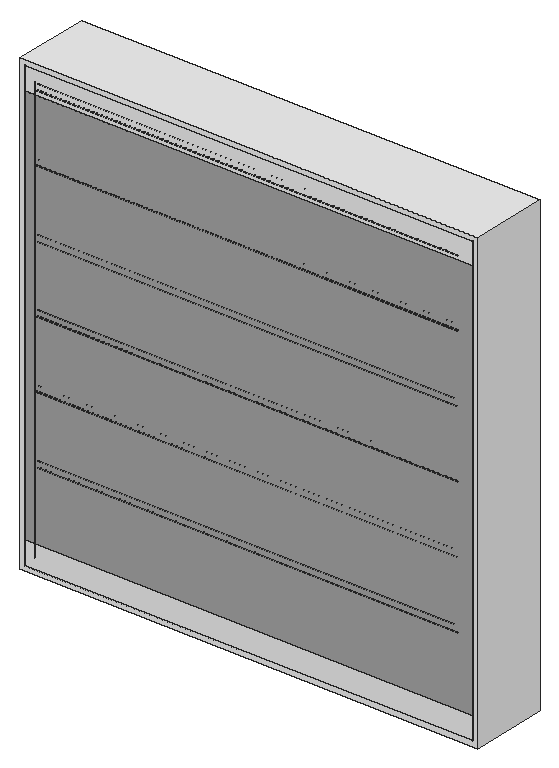
Revit family
Parameters (values of type "Louver_Acoustical_EAA-845_All-Lite")
  URL = "http://www.alllite-louvers.com"
  Specifications = "http://www.alllite-louvers.com/catalog/AEAA-845-csi-specification.doc"
  Spacing = 0.625 ft
  SmartBIM Object Version = 3  # constant formula
  SmartBIM Object Created By = "Reed Construction Data"  # constant formula
  Shim Thickness = 0.042 ft
  Screen Width = Width - (2 * Shim Thickness)  # 3.916 ft
  Screen Height = Height - ((2 * 0.197917 ft) + (2 * Shim Thickness))  # 3.520167 ft
  Screen = Aluminum
  Rough Width = 0.0 ft
  Rough Height = 0.0 ft
  Product URL = "http://www.alllite-louvers.com/catalog.php?model=EAA-845"
  Pressure Loss (in.wg.) = "0.05"  # constant formula
  OmniClass Title = "Exterior Louvers and Grilles"  # constant formula
  OmniClass Code = "23-60 11 17"  # constant formula
  Model Number = "EAA-845"  # constant formula
  Minimum Size = "12\" x 18\""
  Maximum Size - Single Section = "60\" x 120\""
  Maximum Size - Multiple Section = "Unlimited"
  Manufacturer = "All-Lite"  # constant formula
  Louver Width = Width - (2 * Shim Thickness) - 0.166667 ft  # 3.749333 ft
  Louver = Mill finish, 6063-T5 Extruded Aluminum
  Height = 4.0 ft
  Free Area for 48”x48” Louver = "33.1%"
  Free Area Velocity (fpm) = "870"  # constant formula
  Free Area (ft²) for 48"x48" Louver = 5.3 ft
  Frame = Mill finish, 6063-T5 Extruded Aluminum
  Default Sill Height = 3.0 ft
  Wall Closure = (empty or 0)
  Width = 4.0 ft
  Cut Sheet = "http://www.alllite-louvers.com/catalog/AEAA845.pdf"
  Assembly Code = "B2010300"
  Air Volume Delivered (cfm) = "4,611"  # constant formula
  95 CSI = "10200 "  # constant formula
  04 CSI = "08 91 00"  # constant formula
  # of Louvers = (Height - 0.25 ft) / (Spacing)  # 6
Reference planes (ft)
  plane 1 "Center (Front/Back)": y = 0
  plane 2: z = 0.291667
  plane 3 "Center (Left/Right)": x = 0
  plane 4 "Left": x = -2
  plane 5 "Right": x = 2
  plane 6 "Sill": z = 3.291667
  plane 7 "Top": z = 7.291667
  plane 8: x = -1.958
  plane 9: x = 1.958
  plane 10: z = 7.249667
  plane 11: z = 3.333667
  plane 12: z = 5.291667
  plane 13: z = 3.417
  plane 14: z = 3.458667
  plane 15: z = 7.166333
  plane 16: z = 7.124667
Forms (ft)
  Sweep 1, solid, material "Mill finish, 6063-T5 Extruded Aluminum" <- "Frame"
    path origin (-5, 0.416667, 0) x (-1, 0, 0) y (0, 0, 1)
      loop
        line (-6.958, 7.249667) -> (-3.042, 7.249667)
    profile "Horizontal Mullion : Horizontal Mullion" origin (0, 0.416667, 7.249667) x (0, 0, 1) y (0, 1, 0)
      loop
        line (0, 0) -> (-0.083333, 0) -> (-0.083333, -0.666545) -> (-0.197917, -0.666545) -> (-0.197917, -0.673295) -> (0, -0.673295) -> (0, -0.631628) -> (-0.00675, -0.631628) -> (-0.00675, -0.666545) -> (-0.076583, -0.666545) -> (-0.076583, -0.006628) -> (-0.00675, -0.006628) -> (-0.00675, -0.041545) -> (0, -0.041545) -> (0, 0)
  Sweep 2, solid, material "Mill finish, 6063-T5 Extruded Aluminum" <- "Frame"
    path origin (-5, 0.416667, 0) x (-1, 0, 0) y (0, 0, 1)
      loop
        line (-6.958, 3.333667) -> (-3.042, 3.333667)
    profile "Horizontal Mullion : Horizontal Mullion" origin (0, 0.416667, 3.333667) x (0, 0, 1) y (0, 1, 0)
      loop
        line (0, 0) -> (0, -0.041545) -> (0.00675, -0.041545) -> (0.00675, -0.006628) -> (0.076583, -0.006628) -> (0.076583, -0.666545) -> (0.00675, -0.666545) -> (0.00675, -0.631628) -> (0, -0.631628) -> (0, -0.673295) -> (0.197917, -0.673295) -> (0.197917, -0.666545) -> (0.083333, -0.666545) -> (0.083333, 0) -> (0, 0)
  Sweep 3, solid, material "Mill finish, 6063-T5 Extruded Aluminum" <- "Frame"
    path origin (-5, 0.416667, 0) x (-1, 0, 0) y (0, 0, 1)
      loop
        line (-6.958, 3.417) -> (-6.958, 7.166333)
    profile "Vertical Mullion : Vertical Mullion" origin (1.958, 0.416667, 5.291667) x (1, 0, 0) y (0, 1, 0)
      loop
        line (0, -0.635417) -> (-0.010417, -0.635417) -> (-0.010417, -0.65625) -> (-0.072917, -0.65625) -> (-0.072917, -0.010417) -> (-0.010417, -0.010417) -> (-0.010417, -0.03125) -> (0, -0.03125) -> (0, 0) -> (-0.083333, 0) -> (-0.083333, -0.666667) -> (0, -0.666667) -> (0, -0.635417)
  Sweep 4, solid, material "Mill finish, 6063-T5 Extruded Aluminum" <- "Frame"
    path origin (5, 0.416667, 0) x (1, 0, 0) y (0, 0, -1)
      loop
        line (-6.958, -3.417) -> (-6.958, -7.166333)
    profile "Vertical Mullion : Vertical Mullion" origin (-1.958, 0.416667, 5.291667) x (1, 0, 0) y (0, 1, 0)
      loop
        line (0, -0.635417) -> (0, -0.666667) -> (0.083333, -0.666667) -> (0.083333, 0) -> (0, 0) -> (0, -0.03125) -> (0.010417, -0.03125) -> (0.010417, -0.010417) -> (0.072917, -0.010417) -> (0.072917, -0.65625) -> (0.010417, -0.65625) -> (0.010417, -0.635417) -> (0, -0.635417)
  Sweep 5, solid, material "Mill finish, 6063-T5 Extruded Aluminum" <- "Frame"
    path origin (-5, 0.416667, 0) x (-1, 0, 0) y (0, 0, 1)
      loop
        line (-3, 7.291667) -> (-7, 7.291667) -> (-7, 3.291667) -> (-3, 3.291667) -> (-3, 7.291667)
    profile origin (-2, 0.416667, 5.291667) x (0, 1, 0) y (-1, 0, 0)
      loop
        line (0, 0) -> (-0.673295, 0) -> (-0.673295, -0.042) -> (0, -0.042) -> (0, 0)
  Extrusion 6, solid, material "Aluminum" <- "Screen"
    sketch origin (0, 0, 0) x (1, 0, 0) y (0, 1, 0)
      loop
        line (-1.958, -0.25) -> (-1.958, -0.256628) -> (1.958, -0.256628) -> (1.958, -0.25) -> (-1.958, -0.25)
    from 3.531583 to 7.05175
Lines and regions (ft)
  Opening 1
    outline origin (-5, -0.416667, 0) x (1, 0, 0) y (0, 0, 1)
      loop
        line (3, 7.291667) -> (3, 3.291667) -> (7, 3.291667) -> (7, 7.291667) -> (3, 7.291667)
  Masking region 1, detail levels fine
    outline origin (0, 0, 0) x (1, 0, 0) y (0, 1, 0)
      loop
        line (-1.958, 0.385417) -> (-1.947583, 0.385417) -> (-1.947583, 0.40625) -> (-1.885083, 0.40625) -> (-1.885083, -0.239583) -> (-1.947583, -0.239583) -> (-1.947583, -0.21875) -> (-1.958, -0.21875) -> (-1.958, -0.25) -> (-1.874667, -0.25) -> (-1.874667, 0.416667) -> (-1.958, 0.416667) -> (-1.958, 0.385417)
      loop
        line (1.958, -0.21875) -> (1.947583, -0.21875) -> (1.947583, -0.239583) -> (1.885083, -0.239583) -> (1.885083, 0.40625) -> (1.947583, 0.40625) -> (1.947583, 0.385417) -> (1.958, 0.385417) -> (1.958, 0.416667) -> (1.874667, 0.416667) -> (1.874667, -0.25) -> (1.958, -0.25) -> (1.958, -0.21875)
  Masking region 2, detail levels coarse+medium
    outline origin (0, 0, 0) x (1, 0, 0) y (0, 1, 0)
      loop
        line (2, 0.416667) -> (1.874667, 0.416667) -> (1.874667, -0.256628) -> (2, -0.256628) -> (2, 0.416667)
      loop
        line (-1.874667, 0.416667) -> (-2, 0.416667) -> (-2, -0.256628) -> (-1.874667, -0.256628) -> (-1.874667, 0.416667)
Text (ft)
  text "EXTERIOR" at (-4.890733, 4.242245, 0), in view "Ref. Level"
  text "INTERIOR" at (-4.890733, -3.147199, 0), in view "Ref. Level"
  text "Exterior" at (0, 3.638026, 10.266337), in view "Left"
  text "Exterior" at (0, 1.524487, 10.420622), in view "Right"
Dimensions and locks (ft)
  equal spacing: plane 4 "Left", plane 3 "Center (Left/Right)", plane 5 "Right"
  "Width": plane 4 "Left" to plane 5 "Right"
  "Height": plane 6 "Sill" to plane 7 "Top"
  "Default Sill Height": plane 2 to plane 6 "Sill"
  "Shim Thickness": plane 4 "Left" to plane 8
  "Shim Thickness": plane 9 to plane 5 "Right"
  "Shim Thickness": plane 10 to plane 7 "Top"
  "Shim Thickness": plane 6 "Sill" to plane 11
  equal spacing: plane 11, plane 12, plane 10
  locked: plane 13 to plane 11 at 0.083333
  locked: plane 14 to plane 13 at 0.041667
  equal spacing: group 1, group 3, group 4, group 5, group 6, group 2  (x3)
  locked: plane 10 to plane 15 at 0.083333
  locked: plane 15 to plane 16 at 0.041667
  aligned and locked: plane 7 "Top" to Opening 1 sketch curve
  aligned and locked: plane 6 "Sill" to Opening 1 sketch curve  (x2)
  aligned and locked: plane 5 "Right" to Opening 1 sketch curve
  aligned and locked: plane 4 "Left" to Opening 1 sketch curve
  aligned and locked: plane 10 to Sweep 1 sketch curve
  aligned and locked: plane 8 to Sweep 1 sketch curve
  aligned and locked: plane 9 to Sweep 1 sketch curve
  aligned and locked: Sweep 2 sketch curve to plane 11
  aligned and locked: plane 9 to Sweep 2 sketch curve
  aligned and locked: plane 8 to Sweep 2 sketch curve
  aligned and locked: plane 9 to Sweep 3 sketch curve
  aligned and locked: Sweep 4 sketch curve to plane 8
  aligned and locked: Sweep 1 to Sweep 4 sketch curve
  aligned and locked: Sweep 5 sketch curve to plane 4 "Left"
  aligned and locked: Sweep 5 sketch curve to plane 7 "Top"
  aligned and locked: Sweep 5 sketch curve to plane 6 "Sill"
  aligned and locked: Sweep 5 sketch curve to plane 5 "Right"
  aligned and locked: Sweep 5 sketch curve to host wall  (x2)
  aligned and locked: plane 8 to Sweep 5 sketch curve
  aligned and locked: plane 3 "Center (Left/Right)" to nested 1
  aligned and locked: host wall to nested 1
  aligned and locked: plane 14 to nested 1
  aligned and locked: host wall to nested 2
  aligned and locked: nested 2 to plane 16
  aligned and locked: Sweep 3 sketch curve to Sweep 1
  aligned and locked: plane 13 to Sweep 3 sketch curve
  aligned and locked: Extrusion 6 sketch curve to plane 8
  aligned and locked: Extrusion 6 sketch curve to Sweep 4
  aligned and locked: Extrusion 6 sketch curve to Sweep 2
  aligned and locked: plane 9 to Extrusion 6 sketch curve
  aligned and locked: Extrusion 6 to Sweep 2
  aligned and locked: Extrusion 6 to Sweep 1
  aligned and locked: Masking region 1 sketch curve to Sweep 4  (x12)
  aligned and locked: Masking region 1 sketch curve to Sweep 3  (x12)
  aligned and locked: Masking region 2 sketch curve to Sweep 3  (x2)
  aligned and locked: Masking region 2 sketch curve to plane 5 "Right"
  aligned and locked: Sweep 5 to Masking region 2 sketch curve
  aligned and locked: Masking region 2 sketch curve to Sweep 4  (x2)
  aligned and locked: Masking region 2 sketch curve to plane 4 "Left"
  aligned and locked: Masking region 2 sketch curve to Sweep 5
Automatic sketch dimensions
  Sweep 4 sketch curve to plane 13 = 0.0 ft
  Sweep 5 sketch curve to profile plane = 0.673295 ft
Nested families (ft)
  nested 1: "Louver" at (0, 0.169271, 3.458667), type "Louver"
    with Louver Length 3.749333 ft
  nested 2: "Louver" at (0, 0.169271, 6.409728), type "Louver"
    with Louver Length 3.749333 ft
  nested 3: "Louver" at (0, 0.169271, 4.048879), type "Louver"
    with Louver Length 3.749333 ft
  nested 4: "Louver" at (0, 0.169271, 4.639091), type "Louver"
    with Louver Length 3.749333 ft
  nested 5: "Louver" at (0, 0.169271, 5.229303), type "Louver"
    with Louver Length 3.749333 ft
  nested 6: "Louver" at (0, 0.169271, 5.819516), type "Louver"
    with Louver Length 3.749333 ft
Connectors (ft)
  hvac at (0, -0.256628, 5.291667), driven by "Screen Width", driven by "Screen Height"
    settings: on Extrusion 6, index 1
Definition of nested family "Louver"
  Parameters (values of type "Louver")
    Louver Length = 2.75 ft
    Louver Array = yes
    Louver = none
    Assembly Code = ""
  Reference planes (ft)
    plane 1 "Center (Front/Back)": y = -0.085938
    plane 2: z = 0
    plane 3 "Center (Left/Right)": x = 0
    plane 4: x = -1.375
    plane 5: x = 1.375
    plane 6: y = 0.247396
    plane 7: y = -0.419271
    plane 8: z = 0.714939
    plane 9: z = 0.357469
  Forms (ft)
    Extrusion 1, solid, material <- "Louver", visible <- "Louver Array"
      sketch origin (0, 0, 0) x (0, 1, 0) y (0, 0, 1)
        loop
          arc (0.244255, 0.00939) -> (-0.017499, 0.405647) -> (-0.383235, 0.708584) r 1.614225
          arc (-0.383235, 0.708584) -> (-0.392796, 0.712387) -> (-0.403074, 0.712877) r 0.03123
          arc (-0.403074, 0.712877) -> (-0.412267, 0.707976) -> (-0.416704, 0.698551) r 0.016536
          arc (-0.416704, 0.698551) -> (-0.409796, 0.669867) -> (-0.38683, 0.651343) r 0.045814
          line (-0.38683, 0.651343) -> (-0.375228, 0.631178) -> (-0.370747, 0.633755) -> (-0.383097, 0.65522) -> (-0.376969, 0.661355) -> (-0.343566, 0.603499) -> (-0.339753, 0.607311) -> (-0.375852, 0.669837) -> (-0.388052, 0.657471)
          arc (-0.388052, 0.657471) -> (-0.405931, 0.673507) -> (-0.411627, 0.696838) r 0.040619
          arc (-0.411627, 0.696838) -> (-0.408201, 0.704216) -> (-0.400914, 0.707832) r 0.012274
          arc (-0.400914, 0.707832) -> (-0.393131, 0.707114) -> (-0.385911, 0.704118) r 0.026024
          arc (-0.385911, 0.704118) -> (-0.021341, 0.402132) -> (0.239567, 0.00712) r 1.609015
          arc (0.239567, 0.00712) -> (0.241591, -0.000338) -> (0.241335, -0.008062) r 0.026024
          arc (0.241335, -0.008062) -> (0.236851, -0.014849) -> (0.229107, -0.017342) r 0.012274
          arc (0.229107, -0.017342) -> (0.206653, -0.00882) -> (0.192937, 0.010895) r 0.040619
          line (0.192937, 0.010895) -> (0.206711, 0.021482) -> (0.149098, 0.064996) -> (0.144846, 0.061681) -> (0.198155, 0.021417) -> (0.191313, 0.01609) -> (0.17153, 0.030985) -> (0.168421, 0.026856) -> (0.187007, 0.012862)
          arc (0.187007, 0.012862) -> (0.202566, -0.012207) -> (0.230183, -0.022591) r 0.045814
          arc (0.230183, -0.022591) -> (0.240082, -0.019346) -> (0.246076, -0.010826) r 0.016536
          arc (0.246076, -0.010826) -> (0.246854, -0.000566) -> (0.244255, 0.00939) r 0.03123
      from -1.375 to 1.375
    Extrusion 2, solid, material <- "Louver", visible <- "Louver Array"
      sketch origin (0, 0, 0) x (0, 1, 0) y (0, 0, 1)
        loop
          arc (0.201124, 0.020127) -> (-0.130885, 0.302009) -> (-0.376969, 0.661355) r 1.63963
          line (-0.376969, 0.661355) -> (-0.380846, 0.657478)
          arc (-0.380846, 0.657478) -> (-0.13456, 0.298306) -> (0.197355, 0.016358) r 1.644838
          line (0.197355, 0.016358) -> (0.201124, 0.020127)
      from -1.375 to 1.375
    Extrusion 3, solid, material <- "Louver", visible <- "Louver Array"
      sketch origin (0, 0, 0) x (0, 1, 0) y (0, 0, 1)
        loop
          line (-0.375852, 0.669837) -> (-0.339753, 0.607311) -> (-0.345333, 0.601732)
          arc (-0.345333, 0.601732) -> (-0.132021, 0.30327) -> (0.14231, 0.059705) r 1.63963
          line (0.14231, 0.059705) -> (0.149098, 0.064996) -> (0.206711, 0.021482) -> (0.192937, 0.010895)
          arc (0.192937, 0.010895) -> (0.206653, -0.00882) -> (0.229107, -0.017342) r 0.040619
          arc (0.229107, -0.017342) -> (0.236851, -0.014849) -> (0.241335, -0.008062) r 0.012274
          arc (0.241335, -0.008062) -> (0.241591, -0.000338) -> (0.239567, 0.00712) r 0.026024
          arc (0.239567, 0.00712) -> (-0.021341, 0.402132) -> (-0.385911, 0.704118) r 1.609015
          arc (-0.385911, 0.704118) -> (-0.393131, 0.707114) -> (-0.400914, 0.707832) r 0.026024
          arc (-0.400914, 0.707832) -> (-0.408201, 0.704216) -> (-0.411627, 0.696838) r 0.012274
          arc (-0.411627, 0.696838) -> (-0.405964, 0.673561) -> (-0.388167, 0.657523) r 0.040619
          line (-0.388167, 0.657523) -> (-0.375852, 0.669837)
      from -1.375 to 1.375
  Dimensions and locks (ft)
    equal spacing: plane 4, plane 3 "Center (Left/Right)", plane 5
    "Louver Length": plane 4 to plane 5
    plane 1 "Center (Front/Back)" to plane 6 = 0.333333 ft
    locked: level to plane 8 at 0.714939
    equal spacing: level, plane 9, plane 8
    equal spacing: plane 6, plane 1 "Center (Front/Back)", plane 7
    aligned and locked: Extrusion 3 sketch curve to Extrusion 1
    aligned and locked: plane 5 to Extrusion 2
    aligned and locked: Extrusion 2 to plane 4
    aligned and locked: Extrusion 3 to plane 4
    aligned and locked: plane 5 to Extrusion 3
    aligned and locked: plane 5 to Extrusion 1
    aligned and locked: Extrusion 1 to plane 4
    aligned: Extrusion 3 sketch curve to Extrusion 1
  Automatic sketch dimensions
    plane 7 to Extrusion 2 sketch curve = 0.042302 ft
    Extrusion 2 sketch curve to plane 6 = 0.046272 ft
    plane 6 to Extrusion 2 sketch curve = 0.839513 ft
    Extrusion 2 sketch curve to Extrusion 2 sketch curve = 0.0 ft  (x3)
    Extrusion 2 sketch curve to Extrusion 2 sketch curve = 0.003877 ft
    Extrusion 2 sketch curve to Extrusion 2 sketch curve = 0.003769 ft  (x2)
    level to Extrusion 2 sketch curve = 0.016358 ft
    plane 8 to Extrusion 2 sketch curve = 0.057461 ft
    Extrusion 1 sketch curve to Extrusion 1 sketch curve = 0.000001 ft  (x2)
    plane 7 to Extrusion 1 sketch curve = 0.002566 ft
    Extrusion 1 sketch curve to Extrusion 1 sketch curve = 0.005077 ft
    plane 8 to Extrusion 1 sketch curve = 0.002062 ft
    plane 7 to Extrusion 1 sketch curve = 0.016196 ft
    Extrusion 1 sketch curve to Extrusion 1 sketch curve = 0.00216 ft
    Extrusion 1 sketch curve to Extrusion 1 sketch curve = 0.000628 ft
    Extrusion 1 sketch curve to Extrusion 1 sketch curve = 0.000875 ft
    Extrusion 1 sketch curve to Extrusion 1 sketch curve = 0.000009 ft  (x2)
    Extrusion 1 sketch curve to Extrusion 1 sketch curve = 0.000019 ft
    Extrusion 1 sketch curve to Extrusion 1 sketch curve = 0.011331 ft
    Extrusion 1 sketch curve to Extrusion 1 sketch curve = 0.001222 ft
    plane 8 to Extrusion 1 sketch curve = 0.01082 ft
    Extrusion 1 sketch curve to Extrusion 1 sketch curve = 0.015003 ft
    Extrusion 1 sketch curve to Extrusion 1 sketch curve = 0.0 ft  (x2)
    Extrusion 1 sketch curve to Extrusion 1 sketch curve = 0.002676 ft
    Extrusion 1 sketch curve to Extrusion 1 sketch curve = 0.003733 ft
    Extrusion 1 sketch curve to Extrusion 1 sketch curve = 0.006128 ft
    Extrusion 1 sketch curve to Extrusion 1 sketch curve = 0.001117 ft
    Extrusion 1 sketch curve to Extrusion 1 sketch curve = 0.011602 ft
    Extrusion 1 sketch curve to Extrusion 1 sketch curve = 0.014828 ft
    Extrusion 1 sketch curve to Extrusion 1 sketch curve = 0.00448 ft
    Extrusion 1 sketch curve to Extrusion 1 sketch curve = 0.027182 ft
    Extrusion 1 sketch curve to Extrusion 1 sketch curve = 0.003813 ft  (x2)
    Extrusion 1 sketch curve to plane 6 = 0.10255 ft
    Extrusion 1 sketch curve to Extrusion 1 sketch curve = 0.004253 ft
    level to Extrusion 1 sketch curve = 0.026856 ft
    Extrusion 1 sketch curve to Extrusion 1 sketch curve = 0.023575 ft
    level to Extrusion 1 sketch curve = 0.030985 ft
    Extrusion 1 sketch curve to Extrusion 1 sketch curve = 0.003109 ft
    level to Extrusion 1 sketch curve = 0.012862 ft
    level to Extrusion 1 sketch curve = 0.01609 ft
    level to Extrusion 1 sketch curve = 0.010895 ft
    Extrusion 1 sketch curve to Extrusion 1 sketch curve = 0.001624 ft
    level to Extrusion 1 sketch curve = 0.021417 ft
    Extrusion 1 sketch curve to Extrusion 1 sketch curve = 0.006842 ft
    level to Extrusion 1 sketch curve = 0.021482 ft
    Extrusion 1 sketch curve to Extrusion 1 sketch curve = 0.008555 ft
    Extrusion 1 sketch curve to level = 0.003348 ft
    Extrusion 1 sketch curve to Extrusion 1 sketch curve = 0.009031 ft
    Extrusion 1 sketch curve to Extrusion 1 sketch curve = 0.013357 ft
    Extrusion 1 sketch curve to Extrusion 1 sketch curve = 0.000323 ft
    Extrusion 1 sketch curve to Extrusion 1 sketch curve = 0.001075 ft
    Extrusion 1 sketch curve to Extrusion 1 sketch curve = 0.000813 ft
    Extrusion 1 sketch curve to plane 6 = 0.015757 ft
    Extrusion 1 sketch curve to Extrusion 1 sketch curve = 0.00001 ft  (x2)
    level to Extrusion 1 sketch curve = 0.00712 ft
    Extrusion 1 sketch curve to plane 6 = 0.006061 ft
    Extrusion 1 sketch curve to Extrusion 1 sketch curve = 0.004688 ft
    Extrusion 1 sketch curve to plane 6 = 0.00132 ft
    Extrusion 1 sketch curve to plane 6 = 0.003141 ft
    Extrusion 1 sketch curve to Extrusion 1 sketch curve = 0.000005 ft
    Extrusion 1 sketch curve to Extrusion 1 sketch curve = 0.014529 ft
    Extrusion 1 sketch curve to Extrusion 1 sketch curve = 0.005249 ft
    Extrusion 1 sketch curve to Extrusion 1 sketch curve = 0.002765 ft
    Extrusion 1 sketch curve to Extrusion 1 sketch curve = 0.00002 ft
    Extrusion 1 sketch curve to Extrusion 1 sketch curve = 0.030696 ft
    Extrusion 1 sketch curve to Extrusion 1 sketch curve = 0.003315 ft
    Extrusion 1 sketch curve to Extrusion 1 sketch curve = 0.078355 ft
    Extrusion 1 sketch curve to Extrusion 1 sketch curve = 0.027679 ft
    Extrusion 1 sketch curve to Extrusion 1 sketch curve = 0.002578 ft
    Extrusion 1 sketch curve to Extrusion 1 sketch curve = 0.00225 ft
    Extrusion 1 sketch curve to Extrusion 1 sketch curve = 0.006135 ft
    Extrusion 1 sketch curve to Extrusion 1 sketch curve = 0.008482 ft
    Extrusion 1 sketch curve to Extrusion 1 sketch curve = 0.009753 ft
    Extrusion 3 sketch curve to Extrusion 3 sketch curve = 0.012314 ft  (x2)
    Extrusion 3 sketch curve to Extrusion 3 sketch curve = 0.00558 ft
    Extrusion 3 sketch curve to Extrusion 3 sketch curve = 0.006788 ft
    Extrusion 3 sketch curve to Extrusion 3 sketch curve = 0.03052 ft
    Extrusion 3 sketch curve to Extrusion 3 sketch curve = 0.038223 ft
    Extrusion 3 sketch curve to plane 8 = 0.68496 ft
    Extrusion 3 sketch curve to Extrusion 3 sketch curve = 0.005291 ft
    Extrusion 3 sketch curve to level = 0.005072 ft
    Extrusion 3 sketch curve to plane 6 = 0.006061 ft
    level to Extrusion 3 sketch curve = 0.059705 ft
    Extrusion 3 sketch curve to Extrusion 3 sketch curve = 0.097257 ft
    level to Extrusion 3 sketch curve = 0.010895 ft
    Extrusion 3 sketch curve to Extrusion 3 sketch curve = 0.04663 ft
    Extrusion 3 sketch curve to Extrusion 3 sketch curve = 0.013773 ft
    Extrusion 3 sketch curve to Extrusion 3 sketch curve = 0.01227 ft
    Extrusion 3 sketch curve to level = 0.003348 ft
    Extrusion 3 sketch curve to Extrusion 3 sketch curve = 0.023825 ft
    Extrusion 3 sketch curve to Extrusion 3 sketch curve = 0.012227 ft
    Extrusion 3 sketch curve to Extrusion 3 sketch curve = 0.011905 ft
    Extrusion 3 sketch curve to plane 6 = 0.015747 ft
    Extrusion 3 sketch curve to Extrusion 3 sketch curve = 0.0 ft  (x2)
    Extrusion 3 sketch curve to Extrusion 3 sketch curve = 0.013688 ft
    plane 7 to Extrusion 3 sketch curve = 0.079518 ft
    plane 7 to Extrusion 3 sketch curve = 0.007644 ft
    Extrusion 3 sketch curve to Extrusion 3 sketch curve = 0.014985 ft
    plane 8 to Extrusion 3 sketch curve = 0.007107 ft
    plane 7 to Extrusion 3 sketch curve = 0.018357 ft
    Extrusion 3 sketch curve to Extrusion 3 sketch curve = 0.001503 ft
    Extrusion 3 sketch curve to Extrusion 3 sketch curve = 0.000028 ft
    Extrusion 3 sketch curve to Extrusion 3 sketch curve = 0.02433 ft
    Extrusion 3 sketch curve to Extrusion 3 sketch curve = 0.014828 ft
    Extrusion 3 sketch curve to Extrusion 3 sketch curve = 0.009743 ft
